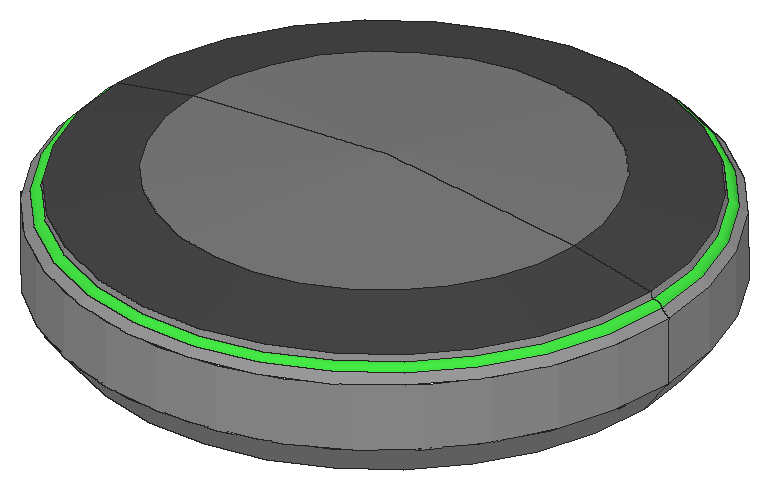
Revit family "Microphone-Tabletop-Q-SYS-NM-T1", category Communication Devices, host Face, Revit 2020
Family settings
  Host = Face
  Maintain Annotation Orientation = No
  Round Connector Dimension = Use Diameter
  Part Type = Normal
  OmniClass Number = 23.85.10.11.14.14.11
  OmniClass Title = Microphones
  Cut with Voids When Loaded = No
  Shared = No
  Room Calculation Point = No
Parameters (values of type "Green")
  Width = Depth  # 4.21"
  Weight Product = 1.5
  Weight Dimensional = 1.5
  Weight = 1.50 lbm
  URL = "https://www.qsys.com/products-solutions/q-sys/audio-io-peripherals/nm-t1/?L=0"
  Type Comments = "Green"
  Sustainability Rating = ""
  Regulatory Compliance = ""
  Product Page URL = "https://www.qsys.com/products-solutions/q-sys/audio-io-peripherals/nm-t1/?L=0"
  Product Documentation Link = "https://www.qsys.com/resource-files/productresources/dn/nm_series/q_spk_nm_specs.pdf"
  Polar Pattern = "Superdirective"
  Part Number = ""
  OmniClass Number = "23.85.10.11.14.14.11"
  Noise = 28
  Model = "NM-T1"
  MasterFormat = ""
  Manufacturer URL = "www.qsys.com"
  Manufacturer = "Q-SYS"
  Latency = 0.01 s
  LED Material = Plastic - Q-SYS - LED Green
  IQ Category = "Microphone"  # constant formula
  Highlight Material 1 = Image - Q-SYS - Microphone 1
  Highlgiht Material 2 = Image - Q-SYS - Microphone 2
  Height = 1.10"
  Heat Load Standby = 0
  Heat Load Active = 0
  Grille Material = Metal - Q-SYS - Mesh
  Frequency Response = "100 Hz - 16 kHz, +/- 3 dB"
  Description = "Tabletop network PoE microphone."
  Depth = 4.21"
  Default Elevation = 48.00"
  Cost Project = 0
  Cost MSRP = 0
  Body Material = Plastic - Q-SYS - Gray
Types (4): name | Weight Product | Weight Dimensional | Type Comments | LED Material
  (no name) | 1.5 | 1.5 | "Green" | Plastic - Q-SYS - LED Green
  Green | 1.5 | 1.5 | "Green" | Plastic - Q-SYS - LED Green
  Blue | 0 | 0 | "Blue" | Plastic - Q-SYS - LED Blue
  Red | 0 | 0 | "Red" | Plastic - Q-SYS - LED Red
Reference planes (in)
  plane 1 "Center (Front/Back)": y = 0
  plane 2: z = 0
  plane 3 "Center (Left/Right)": x = 0
  plane 4 "Left": x = -2.105
  plane 5 "Right": x = 2.105
  plane 6 "Front": y = -2.105
  plane 7 "Back": y = 2.105
  plane 8 "Bottom": z = 0
  plane 9 "Top": z = 1.1
  plane 10: z = 0.74
  plane 11: z = 0.31
  plane 12: z = 0.08
  plane 13: x = -1.41
  plane 14: z = 0.98
  plane 15: x = -1.735
  plane 16: x = -1.925
Forms (in)
  Revolve 1, solid, material "Plastic - Q-SYS - Gray" <- "Body Material", detail levels medium+fine
    sketch origin (0, 0, 0) x (1, 0, 0) y (0, 0, 1)
      loop
        line (0, 0) -> (0, 1.1)
        arc (0, 1.1) -> (-0.70895, 1.07647) -> (-1.41169, 0.98) r 6.8737
        line (-1.41169, 0.98) -> (-1.975, 0.87) -> (-1.98633, 0.82771)
        arc (-1.98633, 0.82771) -> (-2.02494, 0.82077) -> (-2.05231, 0.79269) r 0.06424
        line (-2.05231, 0.79269) -> (-2.105, 0.74) -> (-2.105, 0.31) -> (-1.925, 0.08) -> (-1.735, 0.08) -> (-1.735, 0) -> (0, 0)
      axis (0, 1.1) -> (0, 0)
    angle from 0 to 360
  Extrusion 2, solid, detail levels coarse
    sketch origin (0, 0, 1.1) x (-1, 0, 0) y (0, -1, 0)
      loop
        circle (0, 0) r 2.105
    from -1.1 to 0
Lines and regions (in)
  Masking region 1, detail levels medium+fine
    outline origin (0, 0, 1.1) x (-1, 0, 0) y (0, -1, 0)
      loop
        circle (0, 0) r 2.105
  Masking region 2, detail levels medium+fine
    outline origin (0, 0, 0) x (1, 0, 0) y (0, 0, 1)
      loop
        line (-2.105, 0.74) -> (-2.105, 0.31) -> (-1.925, 0.08) -> (-1.735, 0.08) -> (-1.735, 0) -> (1.735, 0) -> (1.735, 0.08) -> (1.925, 0.08) -> (2.105, 0.31) -> (2.105, 0.74) -> (2.05231, 0.79269)
        arc (2.05231, 0.79269) -> (2.02495, 0.8208) -> (1.98633, 0.82771) r 0.06411
        line (1.98633, 0.82771) -> (1.975, 0.87) -> (1.41169, 0.98)
        arc (1.41169, 0.98) -> (0, 1.1) -> (-1.41169, 0.98) r 8.36363
        line (-1.41169, 0.98) -> (-1.975, 0.87) -> (-1.98633, 0.82771)
        arc (-1.98633, 0.82771) -> (-2.02495, 0.8208) -> (-2.05231, 0.79269) r 0.06411
        line (-2.05231, 0.79269) -> (-2.105, 0.74)
  Masking region 3, detail levels coarse
    outline origin (0, 0, 0) x (1, 0, 0) y (0, 0, 1)
      loop
        line (-2.105, 1.1) -> (-2.105, 0) -> (2.105, 0) -> (2.105, 1.1) -> (-2.105, 1.1)
  Masking region 4, detail levels medium+fine
    outline origin (0, 0, 0) x (0, 1, 0) y (0, 0, 1)
      loop
        line (2.105, 0.74) -> (2.05231, 0.79269)
        arc (2.05231, 0.79269) -> (2.0253, 0.82146) -> (1.98633, 0.82771) r 0.06109
        line (1.98633, 0.82771) -> (1.975, 0.87) -> (1.41169, 0.98)
        arc (1.41169, 0.98) -> (0, 1.1) -> (-1.41169, 0.98) r 8.36363
        line (-1.41169, 0.98) -> (-1.975, 0.87) -> (-1.98633, 0.82771)
        arc (-1.98633, 0.82771) -> (-2.0253, 0.82146) -> (-2.05231, 0.79269) r 0.06109
        line (-2.05231, 0.79269) -> (-2.105, 0.74) -> (-2.105, 0.31) -> (-1.925, 0.08) -> (-1.735, 0.08) -> (-1.735, 0) -> (1.735, 0) -> (1.735, 0.08) -> (1.925, 0.08) -> (2.105, 0.31) -> (2.105, 0.74)
  Masking region 5, detail levels coarse
    outline origin (0, 0, 0) x (0, 1, 0) y (0, 0, 1)
      loop
        line (2.105, 1.1) -> (-2.105, 1.1) -> (-2.105, 0) -> (2.105, 0) -> (2.105, 1.1)
  symbolic lines, style "Outline", detail levels medium+fine
    curve 1: circle (0, 0, 1.1) r 1.735 normal (0, 0, 1)
    curve 2: circle (0, 0, 1.1) r 1.41169 normal (0, 0, 1)
    curve 3: circle (0, 0, 1.1) r 1.975 normal (0, 0, 1)
    curve 4: line (-2.105, 0, 0.74) -> (2.105, 0, 0.74)
    curve 5: line (-1.98633, 0, 0.82771) -> (1.98633, 0, 0.82771)
    curve 6: line (-2.105, 0, 0.31) -> (2.105, 0, 0.31)
    curve 7: line (-1.735, 0, 0.08) -> (1.735, 0, 0.08)
    curve 8: line (-2.05231, 0, 0.79269) -> (2.05231, 0, 0.79269)
    curve 9: line (-1.41169, 0, 0.98) -> (1.41169, 0, 0.98)
    curve 10: line (0, 1.41169, 0.98) -> (0, -1.41169, 0.98)
    curve 11: line (0, 1.975, 0.87) -> (0, -1.975, 0.87)
    curve 12: line (0, 1.98633, 0.82771) -> (0, -1.98633, 0.82771)
    curve 13: line (0, 2.105, 0.74) -> (0, -2.105, 0.74)
    curve 14: line (0, 2.05231, 0.79269) -> (0, -2.05231, 0.79269)
    curve 15: line (0, 2.105, 0.31) -> (0, -2.105, 0.31)
    curve 16: line (0, 1.735, 0.08) -> (0, -1.735, 0.08)
Dimensions and locks (in)
  equal spacing: plane 7 "Back", plane 1 "Center (Front/Back)", plane 6 "Front"
  "Depth": plane 7 "Back" to plane 6 "Front"
  equal spacing: plane 4 "Left", plane 3 "Center (Left/Right)", plane 5 "Right"
  "Width": plane 4 "Left" to plane 5 "Right"
  "Height": plane 9 "Top" to plane 8 "Bottom"
  locked: plane 9 "Top" to plane 10 at 0.36
  locked: plane 12 to plane 8 "Bottom" at 0.08
  locked: plane 11 to plane 12 at 0.23
  locked: plane 9 "Top" to plane 14 at 0.12
  locked: plane 3 "Center (Left/Right)" to plane 13 at 1.41
  locked: plane 15 to plane 16 at 0.19
  locked: plane 16 to plane 4 "Left" at 0.18
  aligned and locked: plane 2 to host face
  aligned and locked: level to host face
  aligned and locked: level to plane 8 "Bottom"
  aligned and locked: Revolve 1 sketch curve to plane 3 "Center (Left/Right)"
  aligned and locked: plane 8 "Bottom" to Revolve 1 sketch curve
  aligned and locked: Revolve 1 sketch curve to Revolve 1 sketch curve
  aligned and locked: plane 9 "Top" to Revolve 1 sketch curve
  aligned and locked: plane 12 to Revolve 1 sketch curve
  aligned and locked: plane 15 to Revolve 1 sketch curve
  aligned and locked: plane 16 to Revolve 1 sketch curve
  aligned and locked: plane 4 "Left" to Revolve 1 sketch curve
  aligned and locked: plane 10 to Revolve 1 sketch curve
  aligned and locked: Masking region 1 sketch curve to Revolve 1
  aligned and locked: curve 2 to Revolve 1
  aligned and locked: curve 1 to Revolve 1
  aligned and locked: curve 3 to Revolve 1
  aligned and locked: curve 7 to Masking region 2
  aligned and locked: curve 7 to plane 12
  aligned and locked: Masking region 2 to curve 7
  aligned and locked: Masking region 2 to curve 6  (x2)
  aligned and locked: curve 6 to plane 11
  aligned and locked: curve 4 to plane 10
  aligned and locked: curve 4 to Masking region 2
  aligned and locked: Masking region 2 to curve 4
  aligned and locked: Masking region 2 to curve 5
  aligned and locked: Masking region 2 to curve 8
  aligned and locked: curve 9 to plane 14
  aligned and locked: plane 4 "Left" to Masking region 3 sketch curve
  aligned and locked: Masking region 3 sketch curve to plane 9 "Top"
  aligned and locked: plane 8 "Bottom" to Masking region 3 sketch curve
  aligned and locked: Masking region 3 sketch curve to plane 5 "Right"
  aligned and locked: Masking region 5 sketch curve to plane 7 "Back"
  aligned and locked: plane 6 "Front" to Masking region 5 sketch curve
  aligned and locked: Masking region 5 sketch curve to plane 9 "Top"
  aligned and locked: plane 8 "Bottom" to Masking region 5 sketch curve
  aligned and locked: Extrusion 2 sketch curve to Revolve 1
  aligned and locked: Extrusion 2 to plane 8 "Bottom"
  aligned and locked: plane 9 "Top" to Extrusion 2
  aligned and locked: plane 3 "Center (Left/Right)" to nested 1
  aligned and locked: plane 1 "Center (Front/Back)" to nested 1
Automatic sketch dimensions
  host sketch curve to host sketch curve = 96.00"  (x2)
  Revolve 1 sketch curve to plane 14 = 0.00"
  Revolve 1 sketch curve to plane 11 = 0.00"
  plane 4 "Left" to Revolve 1 sketch curve = 0.05269"
  plane 10 to Revolve 1 sketch curve = 0.02403"
  Revolve 1 sketch curve to Revolve 1 sketch curve = 0.0575"
  Revolve 1 sketch curve to plane 16 = 0.06133"
  Revolve 1 sketch curve to Revolve 1 sketch curve = 0.01133"
  Revolve 1 sketch curve to plane 3 "Center (Left/Right)" = 0.12675"
  Revolve 1 sketch curve to level = 5.77253"
  plane 10 to Revolve 1 sketch curve = 0.05269"
  Revolve 1 sketch curve to Revolve 1 sketch curve = 0.04229"
  Revolve 1 sketch curve to Revolve 1 sketch curve = 1.62192"
  Revolve 1 sketch curve to Revolve 1 sketch curve = 2.02808"
  Masking region 2 sketch curve to plane 4 "Left" = 0.00"
  Masking region 2 sketch curve to plane 12 = 0.00"  (x2)
  Masking region 2 sketch curve to plane 16 = 0.00"
  Masking region 2 sketch curve to plane 15 = 0.00"
  Masking region 2 sketch curve to plane 14 = 0.00"  (x2)
  Masking region 2 sketch curve to plane 3 "Center (Left/Right)" = 0.00"
  Masking region 2 sketch curve to level = 0.00"
  Masking region 2 sketch curve to plane 5 "Right" = 0.00"
  Masking region 2 sketch curve to plane 11 = 0.00"  (x2)
  Masking region 2 sketch curve to plane 10 = 0.00"  (x2)
  plane 4 "Left" to Masking region 2 sketch curve = 0.05269"
  plane 10 to Masking region 2 sketch curve = 0.02417"  (x2)
  Masking region 2 sketch curve to Masking region 2 sketch curve = 0.05742"
  Masking region 2 sketch curve to plane 16 = 0.06133"
  Masking region 2 sketch curve to Masking region 2 sketch curve = 0.01133"  (x2)
  Masking region 2 sketch curve to plane 5 "Right" = 0.37"
  Masking region 2 sketch curve to plane 5 "Right" = 0.18"
  Masking region 2 sketch curve to plane 5 "Right" = 0.13"
  Masking region 2 sketch curve to Masking region 2 sketch curve = 0.00856"
  Masking region 2 sketch curve to plane 5 "Right" = 0.05269"
  Masking region 2 sketch curve to level = 7.26363"
  plane 10 to Masking region 2 sketch curve = 0.05269"  (x2)
  Masking region 2 sketch curve to Masking region 2 sketch curve = 0.04229"  (x2)
  Masking region 2 sketch curve to plane 13 = 0.00169"
  plane 4 "Left" to curve 8 = 0.05269"
  curve 5 to plane 16 = 0.06133"
  curve 9 to plane 13 = 0.00169"
  curve 9 to plane 5 "Right" = 0.69331"
  curve 5 to plane 5 "Right" = 0.11867"
  curve 8 to plane 5 "Right" = 0.05269"
  Masking region 4 sketch curve to plane 6 "Front" = 0.00"
  Masking region 4 sketch curve to plane 12 = 0.00"  (x2)
  Masking region 4 sketch curve to level = 0.00"
  Masking region 4 sketch curve to plane 14 = 0.00"  (x2)
  Masking region 4 sketch curve to plane 1 "Center (Front/Back)" = 0.00"
  Masking region 4 sketch curve to plane 7 "Back" = 0.00"
  Masking region 4 sketch curve to plane 11 = 0.00"  (x2)
  Masking region 4 sketch curve to plane 10 = 0.00"  (x2)
  plane 6 "Front" to Masking region 4 sketch curve = 0.05269"
  plane 10 to Masking region 4 sketch curve = 0.0275"  (x2)
  Masking region 4 sketch curve to Masking region 4 sketch curve = 0.05565"
  Masking region 4 sketch curve to Masking region 4 sketch curve = 0.01033"  (x2)
  Masking region 4 sketch curve to Masking region 4 sketch curve = 0.01133"  (x2)
  plane 6 "Front" to Masking region 4 sketch curve = 0.18"
  Masking region 4 sketch curve to Masking region 4 sketch curve = 0.19"
  Masking region 4 sketch curve to plane 7 "Back" = 0.37"
  Masking region 4 sketch curve to plane 7 "Back" = 0.18"
  Masking region 4 sketch curve to plane 7 "Back" = 0.13"
  Masking region 4 sketch curve to plane 7 "Back" = 0.05269"
  Masking region 4 sketch curve to level = 7.26363"
  plane 10 to Masking region 4 sketch curve = 0.05269"  (x2)
  Masking region 4 sketch curve to Masking region 4 sketch curve = 0.04229"  (x2)
  Masking region 4 sketch curve to Masking region 4 sketch curve = 0.56331"
  curve 15 to plane 6 "Front" = 0.00"
  curve 13 to plane 6 "Front" = 0.00"
  curve 16 to plane 12 = 0.00"
  curve 10 to plane 14 = 0.00"
  curve 15 to plane 7 "Back" = 0.00"
  curve 13 to plane 7 "Back" = 0.00"
  curve 15 to plane 11 = 0.00"
  curve 13 to plane 10 = 0.00"
  plane 6 "Front" to curve 14 = 0.05269"
  curve 14 to curve 12 = 0.06598"
  curve 12 to curve 11 = 0.01133"
  plane 6 "Front" to curve 16 = 0.37"
  curve 11 to curve 10 = 0.56331"
  curve 10 to plane 7 "Back" = 0.69331"
  curve 16 to plane 7 "Back" = 0.37"
  curve 11 to plane 7 "Back" = 0.13"
  curve 11 to curve 12 = 0.01133"
  curve 14 to plane 7 "Back" = 0.05269"
  plane 10 to curve 14 = 0.05269"
  curve 14 to curve 12 = 0.03502"
  curve 12 to curve 11 = 0.04229"
Nested families (in)
  nested 1: "Microphone_Symbol_Face_Based" at (0, 0, 0), type "Standard", detail levels coarse
    with Wall Mounted no, Symbol Y Offset 0.00", Symbol X Offset 0.00", Length 2 100.00", Length 1 100.00"
Connectors (in)
  electrical at (0, 0, 0)
    settings: on Revolve 1, index 1, voltage 0 V, apparent load 0 VA, apparent load phase1 0 VA, apparent load phase2 0 VA, apparent load phase3 0 VA, power factor 1, load classification "Other", number of poles 1, system type 14, power factor state 1, is connector primary yes, connector utility no, sub classification motor no, connector description "Comms"
Definition of nested family "Microphone_Symbol_Face_Based"
  Parameters (values of type "Speaker Symbol")
    Wall Mounted [instance] = no
    Symbol Y Offset [instance] = 0.00"
    Symbol X Offset [instance] = 0.00"
    Length 2 [instance] = 100.00" + Symbol Y Offset  # 100.00"
    Length 1 [instance] = Symbol X Offset + 100.00"  # 100.00"
    Default Elevation = 48.00"
  Reference planes (in)
    plane 1 "Center (Front/Back)": y = 0
    plane 2: z = 0
    plane 3 "Center (Left/Right)": x = 0
    plane 4 "pivot x": x = -100
    plane 5 "symbol x cl": x = 0
    plane 6 "pivot y": y = -100
    plane 7 "symbol y cl": y = 0
  Forms (in)
    Extrusion 1, solid
      sketch origin (0, 0, 0) x (1, 0, 0) y (0, 1, 0)
        loop
          line (-48, 48) -> (-48, -48) -> (48, -48) -> (48, 48) -> (-48, 48)
      from 0 to -12
  Dimensions and locks (in)
    locked: plane 4 "pivot x" to plane 3 "Center (Left/Right)" at 100
    "Length 1": plane 4 "pivot x" to plane 5 "symbol x cl"
    locked: plane 1 "Center (Front/Back)" to plane 6 "pivot y" at 100
    "Length 2": plane 7 "symbol y cl" to plane 6 "pivot y"
    aligned and locked: plane 2 to Extrusion 1
    aligned and locked: level to Extrusion 1
    aligned and locked: plane 5 "symbol x cl" to nested 1
    aligned and locked: nested 1 to plane 7 "symbol y cl"
  Automatic sketch dimensions
    Extrusion 1 sketch curve to Extrusion 1 sketch curve = 96.00"  (x2)
  Nested families (in)
    nested 1: "Microphone_Symbol" at (0, 0, 0), Wall Mounted <- "Wall Mounted", type "Standard"
      with Wall Mounted no, Not Wall Mounted yes, Length 1 0.00"
  Definition of nested family "Microphone_Symbol"
    Parameters (values of type "Standard")
      Wall Mounted [instance] = yes
      Symbol Text = "M"
      Symbol Radius = 0.19"
      Not Wall Mounted [instance] = not(Wall Mounted)  # no
      Length 1 [instance] = if(Wall Mounted, 0.25", 0.00")  # 0.25"
    Reference planes (in)
      plane 1: y = 0
      plane 2: x = 0
    Lines and regions (in)
      Masking region 1
        outline origin (0, 0, 0) x (1, 0, 0) y (0, 1, 0)
          loop
            circle (0, 0.25) r 0.19
      detail lines, visible <- "Wall Mounted"
        curve 1: line (-0.125, 0, 0) -> (0.125, 0, 0)
        curve 2: line (0, 0, 0) -> (0, 0.0625, 0)
    Text (in)
      label "M" at (0.00112, 0.31502, 0), shows "Symbol Text", visible <- "Wall Mounted"
      label "M" at (0.00112, 0.07558, 0), shows "Symbol Text", visible <- "Not Wall Mounted"
    Dimensions and locks (in)
      "Length 1": plane 1 to Masking region 1 sketch curve
      "Symbol Radius": radius of Masking region 1 sketch curve
      aligned and locked: plane 2 to Masking region 1 sketch curve
      aligned and locked: curve 1 to curve 2
      aligned and locked: curve 2 to plane 2
      aligned and locked: plane 1 to curve 1
    Automatic sketch dimensions
      curve 1 to plane 2 = 0.125"
      plane 2 to curve 1 = 0.125"
      curve 2 to curve 2 = 0.0625"
